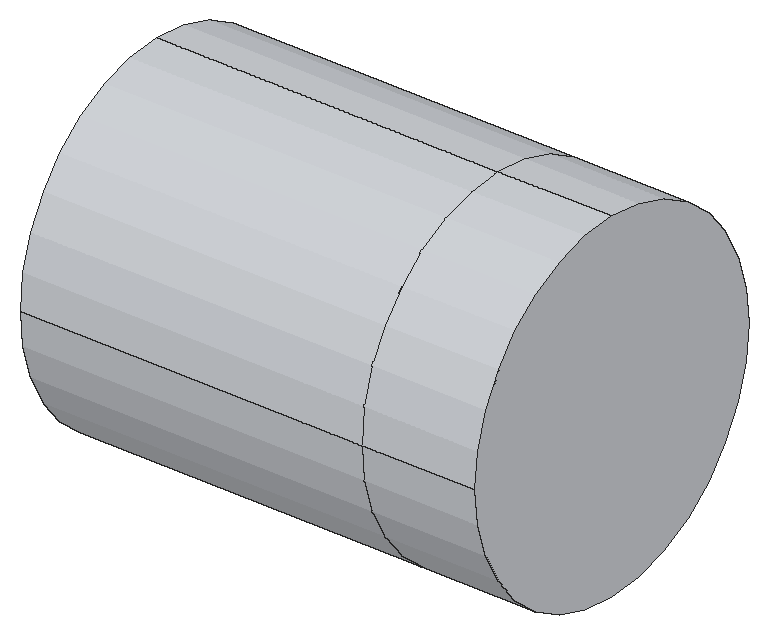
Revit family "M_Round Takeoff", category Duct Fittings, Revit 2014
Parameters (values of type "Standard")
  built-in parameter 1114214 [instance] = 304.8 mm
  built-in parameter 1114213 [instance] = 101.6 mm
  built-in parameter 1114215 [instance] = if(Duct Diameter > 406.4 mm, Duct Diameter * 0.25, 101.6 mm)  # 0.33333 (stored number, unit not read)
  Duct Radius [instance] = 152.4 mm
  Duct Diameter [instance] = Duct Radius * 2  # 304.8 mm
Reference planes
  plane 1 "Center (Front/Back)": y = 0
  plane 2: z = 0
  plane 3 "Center (Left/Right)": x = 0
  plane 4: x = -304.8
  plane 5: x = 101.6
Forms (mm)
  Sweep 1, solid, detail levels medium+fine
    path in 3D
      loop
        line (0, 0, 0) -> (101.6, 0, 0)
    profile "M_Duct - Round : Duct - Round" origin (50.8, 0, 0) x (0, 1, 0) y (0, 0, 1)
      loop
        arc (-152.4, 0) -> (-107.763, -107.763) -> (0, -152.4) r 152.4
        arc (0, -152.4) -> (107.763, -107.763) -> (152.4, 0) r 152.4
        arc (152.4, 0) -> (107.763, 107.763) -> (0, 152.4) r 152.4
        arc (0, 152.4) -> (-107.763, 107.763) -> (-152.4, 0) r 152.4
  Sweep 2, solid, detail levels medium+fine
    path in 3D
      loop
        line (-304.8, 0, 0) -> (0, 0, 0)
    profile "M_Duct - Round : Duct - Round" origin (-152.4, 0, 0) x (0, 1, 0) y (0, 0, 1)
      loop
        arc (-152.4, 0) -> (-107.763, -107.763) -> (0, -152.4) r 152.4
        arc (0, -152.4) -> (107.763, -107.763) -> (152.4, 0) r 152.4
        arc (152.4, 0) -> (107.763, 107.763) -> (0, 152.4) r 152.4
        arc (0, 152.4) -> (-107.763, 107.763) -> (-152.4, 0) r 152.4
Cuts and joins
  joined: Sweep 1, Sweep 2
Lines and regions (mm)
  reference lines
    curve 1: line (0, 0, 0) -> (101.6, 0, 0)
    curve 3: line (-304.8, 0, 0) -> (0, 0, 0)
  sketch lines
    curve 2: line (0, 0, 0) -> (101.6, 0, 0)
    curve 4: line (-304.8, 0, 0) -> (0, 0, 0)
  model lines, style "DuctFitting", not visible
    curve 5: line (-304.8, 0, 0) -> (0, 0, 0)
  model lines, style "DuctFitting", not visible, detail levels coarse
    curve 6: line (0, 0, 0) -> (101.6, 0, 0)
Dimensions and locks
  "built-in parameter 1114213": plane 3 "Center (Left/Right)" to plane 5
  "built-in parameter 1114214": plane 4 to plane 3 "Center (Left/Right)"
  aligned and locked: plane 5 to curve 1
  aligned and locked: plane 3 "Center (Left/Right)" to curve 1
  aligned and locked: plane 1 "Center (Front/Back)" to curve 1
  aligned and locked: plane 4 to curve 3
  aligned and locked: plane 1 "Center (Front/Back)" to curve 3
  aligned and locked: plane 3 "Center (Left/Right)" to curve 6
  aligned and locked: plane 4 to curve 5
  aligned and locked: plane 1 "Center (Front/Back)" to curve 5
Automatic sketch dimensions
  curve 6 to plane 5 = 0 mm
Connectors
  hvac at (0, 0, 0), driven by "Duct Radius"
    settings: on Sweep 1, index 1, duct flow 0.0 L/s, flow factor 0, pres drop 0.0 Pa, loss coef 0, conn angle 0.00°, conn width 304.8 mm, conn height 304.8 mm, conn diameter 304.8 mm, duct sys type 28, conn prof type 0, flow config 0, flow direction 0, loss method 0, conn ref index 2, conn util no, is conn primary yes, conn desc ""
  hvac at (101.6, 0, 0), driven by "Duct Radius"
    settings: on Sweep 1, index 2, duct flow 0.0 L/s, flow factor 0, pres drop 0.0 Pa, loss coef 0, conn angle 0.00°, conn width 304.8 mm, conn height 304.8 mm, conn diameter 304.8 mm, duct sys type 28, conn prof type 0, flow config 0, flow direction 0, loss method 0, conn ref index 1, conn util no, is conn primary no, conn desc ""
